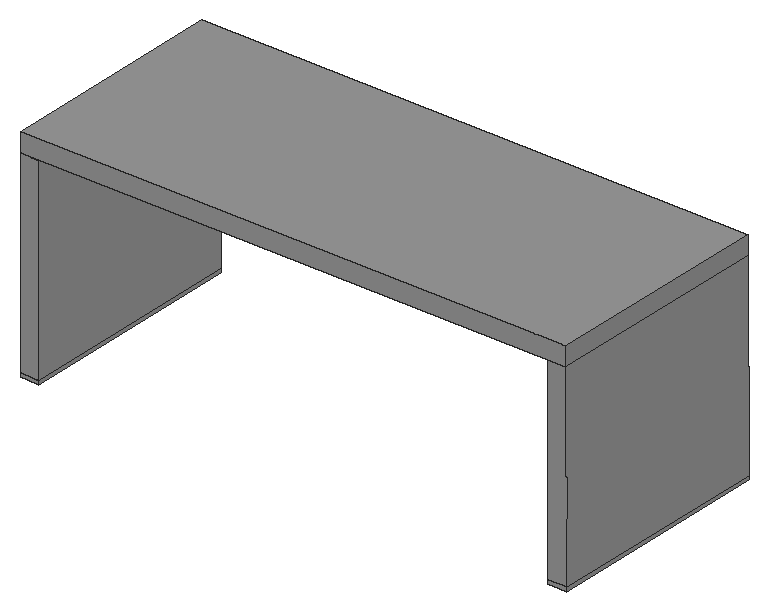
Revit family "Cocoon Community Table 30x72x29", category Generic Models, Revit 2018
Family settings
  Can host rebar = No
  Round Connector Dimension = Use Diameter
  Part Type = Normal
  Work Plane-Based = No
  Always vertical = Yes
  Cut with Voids When Loaded = No
  Shared = No
  Room Calculation Point = No
Parameters
  Frame = Cocoon Community Table 30x72x29 Frame
  Surface = Cocoon Community Table 30x72x29 Surface
Reference planes (in)
  plane 1 "Center (Front/Back)": y = 0
  plane 2: z = 0
  plane 3 "Center (Left/Right)": x = 0
Forms (in)
  Extrusion 1, solid, material "Cocoon Community Table 30x72x29 Frame" <- "Frame"
    sketch origin (0, 0, 0) x (1, 0, 0) y (0, 0, 1)
      loop
        line (-36, 0.5) -> (-36, 0) -> (-33.5, 0) -> (-33.5, 0.5) -> (-36, 0.5)
      loop
        line (36, 0.5) -> (33.5, 0.5) -> (33.5, 0) -> (36, 0) -> (36, 0.5)
    from -15 to 15
  Extrusion 2, solid, material "Cocoon Community Table 30x72x29 Surface" <- "Surface"
    sketch origin (0, 0, 0) x (1, 0, 0) y (0, 0, 1)
      loop
        line (-36, 29) -> (-36, 26.5) -> (36, 26.5) -> (36, 29) -> (-36, 29)
    from -15 to 15
  Extrusion 3, solid, material "Cocoon Community Table 30x72x29 Frame" <- "Frame"
    sketch origin (0, 0, 0) x (1, 0, 0) y (0, 0, 1)
      loop
        line (-36, 26.5) -> (-36, 0.5) -> (-33.5, 0.5) -> (-33.5, 26.5) -> (-36, 26.5)
      loop
        line (33.5, 26.5) -> (33.5, 0.5) -> (36, 0.5) -> (36, 26.5) -> (33.5, 26.5)
    from -15 to 15
Dimensions and locks (in)
  aligned and locked: level to plane 2
